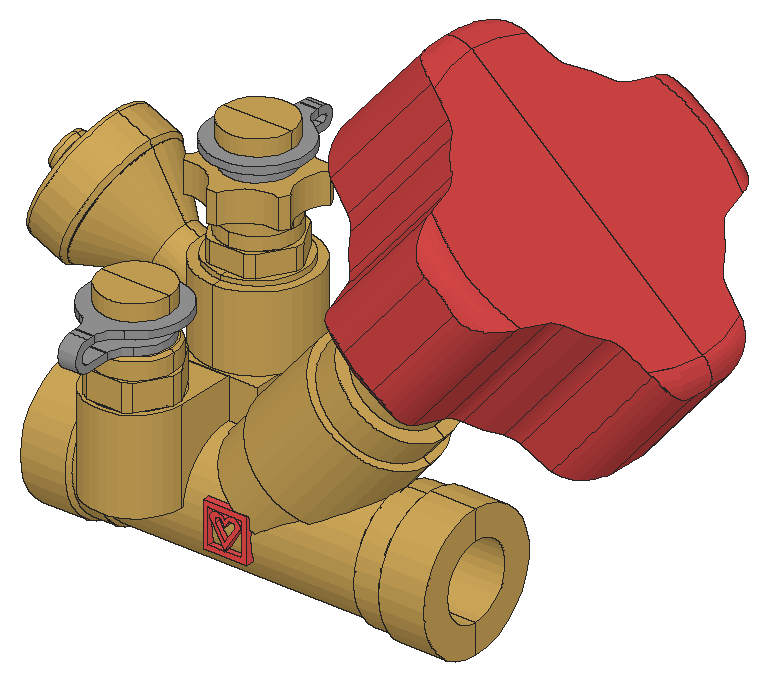
Revit family "Strangregulierventil mit Messblende 4017 ML", category Rohrzubehör, Revit 2018
Family settings
  Bemaßung runder Anschluss = Durchmesser verwenden
  Teiletyp = Unterbricht
  OmniClass-Nummer = 23.65.55.14
  OmniClass-Titel = Valves for Liquid Services
  Arbeitsebenenbasiert = Nein
  Immer vertikal = Ja
  Beim Laden mit Abzugskörper schneiden = Nein
  Gemeinsam genutzt = Nein
Parameters
  kvs-Wert [instance] = if(Nennweite = 15.000 mm, 2, if(Nennweite = 20.000 mm, 3.6, if(Nennweite = 25.000 mm, 6.5, if(Nennweite = 32.000 mm, 13.3, if(Nennweite = 40.000 mm, 18.5, if(Nennweite = 50.000 mm, 33, 0))))))  # 2
  kv-Wert der Blende [instance] = if(Nennweite = 15.000 mm, 1.95, if(Nennweite = 20.000 mm, 3.95, if(Nennweite = 25.000 mm, 7.9, if(Nennweite = 32.000 mm, 15.75, if(Nennweite = 40.000 mm, 21.5, if(Nennweite = 50.000 mm, 46.7, 0))))))  # 1.95
  W01 = 50.00°  # constant formula
  URL = "www.herz-armaturen.at"
  SW01 = 60.00°  # constant formula
  SCRNSEQ = "ARM;ARM_TYP=\"STRV\";2"
  SCRNCODE = "05;07;02"  # constant formula
  S03 = 60.000 mm  # constant formula
  S02 [instance] = L04 + L06 + L07  # 76.800 mm
  S01 [instance] = D01 * 2  # 27.000 mm
  R03 = 21.500 mm  # constant formula
  R02 = 9.500 mm  # constant formula
  R01 = 12.000 mm  # constant formula
  Medium = "Heizwasserqualität entsprechend ÖNORM H 5195 bzw. VDI-Richtlinie 2035"
  L10 [instance] = size_lookup("4017_ML_", "L10", 1.000 mm, Nennweite)  # 28.500 mm
  L09 [instance] = size_lookup("4017_ML_", "L9", 1.000 mm, Nennweite)  # 22.500 mm
  L08 [instance] = size_lookup("4017_ML_", "L8", 1.000 mm, Nennweite)  # 12.700 mm
  L07 [instance] = size_lookup("4017_ML_", "L7", 1.000 mm, Nennweite)  # 35.100 mm
  L06 [instance] = size_lookup("4017_ML_", "L6", 1.000 mm, Nennweite)  # 6.500 mm
  L05 [instance] = size_lookup("4017_ML_", "L5", 1.000 mm, Nennweite)  # 20.200 mm
  L04 [instance] = size_lookup("4017_ML_", "L4", 1.000 mm, Nennweite)  # 35.200 mm
  L03 [instance] = size_lookup("4017_ML_", "L3", 1.000 mm, Nennweite)  # 1.000 mm
  H03 [instance] = H01 - 19.000 mm  # 1.000 mm
  H02 = 13.000 mm  # constant formula
  Gehäuse = "entzinkungsbeständigem Messing"  # constant formula
  E01 [instance] = L00 / -2  # -41.500 mm
  E00 = 0.000 mm  # constant formula
  D09 [instance] = size_lookup("4017_ML_", "D9", 1.000 mm, Nennweite)  # 11.750 mm
  D08 [instance] = size_lookup("4017_ML_", "D8", 1.000 mm, Nennweite)  # 9.500 mm
  D07 [instance] = size_lookup("4017_ML_", "D7", 1.000 mm, Nennweite)  # 12.000 mm
  D06 [instance] = size_lookup("4017_ML_", "D6", 1.000 mm, Nennweite)  # 13.500 mm
  D05 [instance] = size_lookup("4017_ML_", "D5", 1.000 mm, Nennweite)  # 12.500 mm
  D04 [instance] = Nennweite / 2  # 7.500 mm
  IG [instance] = Nennweite / 2  # 7.500 mm
  D03 [instance] = size_lookup("4017_ML_", "D3", 1.000 mm, Nennweite)  # 11.900 mm
  D02 [instance] = size_lookup("4017_ML_", "D2", 1.000 mm, Nennweite)  # 12.700 mm
  D01 [instance] = size_lookup("4017_ML_", "D1", 1.000 mm, Nennweite)  # 13.500 mm
  Nennweite [instance] = 15.000 mm
  Max. Differenzdruck bei geschlossenen Sitz = 1000000.0 Pa  # constant formula
  Max. Betriebstemperatur = 130 °C  # constant formula
  Max. Betriebsdruck = 2000000.0 Pa  # constant formula
  L02 [instance] = size_lookup("4017_ML_", "L2", 1.000 mm, Nennweite)  # 5.000 mm
  L01 [instance] = size_lookup("4017_ML_", "L1", 1.000 mm, Nennweite)  # 9.250 mm
  L00 [instance] = size_lookup("4017_ML_", "L", 1.000 mm, Nennweite)  # 83.000 mm
  Hersteller = "HERZ Armaturen Ges.m.b.H."  # constant formula
  H01 [instance] = size_lookup("4017_ML_", "H1", 1.000 mm, Nennweite)  # 20.000 mm
  GT [instance] = size_lookup("4017_ML_", "GT", 1.000 mm, Nennweite)  # 13.200 mm
  DN50 [instance] = Nennweite = 50.000 mm  # no
  DN40 [instance] = Nennweite = 40.000 mm  # no
  DN32 [instance] = Nennweite = 32.000 mm  # no
  DN25 [instance] = Nennweite = 25.000 mm  # no
  DN20 [instance] = Nennweite = 20.000 mm  # no
  DN15 [instance] = Nennweite = 15.000 mm  # yes
  Bestellnummer [instance] = size_lookup("4017_ML_", "Artnr", 0, Nennweite)  # 1401731
  Ausführung = "STRÖMAX 4017 ML, Strangregulierventil mit Messblende und Impulsleitungsanschluss für Differenzdruckmessung in Schrägsitzform, mit Messventilen\r\nGelbe Ausführung aus entzinkungsbeständigen Messing, Muffe x Muffe, Spindelabdichtung mit Dreifach-O-Ring, Voreinstellung durch Hubbegrenzung, digitale Anzeige der Voreinstellstufe im Handradfenster."
  Anwendungsgebiet = "Zum hydraulischen Abgleich in Heiz- oder Kühlanlagen, Einregulieren von Verteilleitungen, Strängen, Wärmetauschern,\r\nHeiz- und Kühlregistern."
Reference planes
  plane 1 "Mitte (Vorne/hinten)": y = 0
  plane 2: z = 0
  plane 3 "Mitte (Links/rechts)": x = 0
Forms (mm)
  Revolve 1, solid, material "Messing, weicher Gelbton, geschweißt", detail levels fine
    sketch origin (470, 0, 0) x (1, 0, 0) y (0, 0, 1)
      loop
        line (-511.5, 7.5) -> (-498.3, 7.5) -> (-498.3, 0) -> (-441.7, 0) -> (-441.7, 7.5) -> (-428.5, 7.5) -> (-428.5, 13.5) -> (-437.75, 13.5) -> (-438.421, 12.7) -> (-443.421, 12.7) -> (-444.093, 11.9) -> (-495.907, 11.9) -> (-496.579, 12.7) -> (-501.579, 12.7) -> (-502.25, 13.5) -> (-511.5, 13.5) -> (-511.5, 7.5)
      axis (-511.5, 0) -> (-428.5, 0)
    angle from 0 to 360
  Revolve 2, solid, material "Messing, weicher Gelbton, geschweißt", detail levels fine
    sketch origin (0.32, 0, -0.105) x (1, 0, 0) y (0, 0, 1)
      loop
        line (-1.32, 0.105) -> (48.046, 58.937) -> (39.045, 66.49) -> (30.882, 56.761) -> (32.605, 55.315) -> (18.207, 38.155) -> (16.292, 39.762) -> (12.114, 34.783) -> (10.964, 35.747) -> (-2.02, 20.273) -> (-1.254, 19.63) -> (-7.652, 12.005) -> (-7.065, 4.926) -> (-1.32, 0.105)
      axis (-1.32, 0.105) -> (48.046, 58.937)
    angle from 0 to 360
  Extrusion 3, solid, material "Messing, weicher Gelbton, geschweißt", detail levels fine
    sketch origin (0, 0, 0) x (1, 0, 0) y (0, 1, 0)
      loop
        arc (-28.5, -12) -> (-19, -21.5) -> (-9.5, -12) r 9.5
        line (-9.5, -12) -> (-9.5, 0) -> (-28.5, 0) -> (-28.5, -12)
    from 1 <- "H03" to 20 <- "H01"
  Extrusion 4, solid, material "Messing, weicher Gelbton, geschweißt", detail levels fine
    sketch origin (0, 0, 0) x (1, 0, 0) y (0, 1, 0)
      loop
        line (-22.5, 12) -> (-22.5, 0) -> (-3.5, 0) -> (-3.5, 12)
        arc (-3.5, 12) -> (-13, 21.5) -> (-22.5, 12) r 9.5
    from 0 to 20 <- "H01"
  Extrusion 5, void
    sketch origin (0, 0, 0) x (1, 0, 0) y (0, 0, 1)
      loop
        line (55, 0) -> (80, 0) -> (80, 73) -> (55, 73) -> (55, 0)
    from 55 to -55
Cuts and joins
  Extrusion 5 cuts Revolve 2
Lines and regions (mm)
  model lines, detail levels coarse+medium
    curve 1: line (-41.5, 0, 13.5) -> (-41.5, 0, -13.5)
    curve 2: line (-41.5, 0, -13.5) -> (41.5, 0, 13.5)
    curve 3: line (41.5, 0, 13.5) -> (41.5, 0, -13.5)
    curve 4: line (41.5, 0, -13.5) -> (-41.5, 0, 13.5)
    curve 5: line (0, 0, 0) -> (38.4, 0, 66.511)
    curve 6: line (12.419, 0, 81.511) -> (64.381, 0, 51.511)
    curve 7: line (-41.5, -13.5, 0) -> (-41.5, 13.5, 0)
    curve 8: line (-41.5, 13.5, 0) -> (41.5, -13.5, 0)
    curve 9: line (41.5, -13.5, 0) -> (41.5, 13.5, 0)
    curve 10: line (41.5, 13.5, 0) -> (-41.5, -13.5, 0)
    curve 11: line (0, 0, 0) -> (38.4, 66.511, 0)
    curve 12: line (12.419, 81.511, 0) -> (64.381, 51.511, 0)
Dimensions and locks
  "L00": Revolve 1 sketch curve to Revolve 1 sketch curve
  equal spacing: Revolve 1 sketch curve, plane 3 "Mitte (Links/rechts)", Revolve 1 sketch curve
  "D01": Revolve 1 sketch curve to Revolve 1 sketch curve  (x2)
  "GT": Revolve 1 sketch curve to Revolve 1 sketch curve  (x2)
  "D06": Revolve 2 sketch curve to Revolve 2 sketch curve
  "D07": Revolve 2 sketch curve to Revolve 2 sketch curve
  "D08": Revolve 2 sketch curve to Revolve 2 sketch curve
  "D09": Revolve 2 sketch curve to Revolve 2 sketch curve
  equal spacing: curve 1, plane 3 "Mitte (Links/rechts)", curve 3
  "L00": curve 1 to curve 3
  equal spacing: curve 4, plane 2, curve 2
  "S01": curve 4 to curve 1
  "S01": curve 3 to curve 4
  equal spacing: curve 3, plane 2, curve 4
  "S02": curve 5 to curve 5
  equal spacing: curve 6, curve 5, curve 6
  "S03": curve 6 to curve 6
  equal spacing: curve 7, plane 3 "Mitte (Links/rechts)", curve 9
  "L00": curve 7 to curve 9
  equal spacing: curve 10, plane 1 "Mitte (Vorne/hinten)", curve 8
  "S01": curve 8 to curve 10
  equal spacing: curve 9, plane 1 "Mitte (Vorne/hinten)", curve 10
  "S01": curve 10 to curve 9
  "S02": curve 11 to curve 11
  equal spacing: curve 12, curve 11, curve 12
  "S03": curve 12 to curve 12
  "L01": Revolve 1 sketch curve to Revolve 1 sketch curve  (x2)
  "D02": Revolve 1 sketch curve to plane 2  (x2)
  "D03": Revolve 1 sketch curve to plane 2
  "IG": Revolve 1 sketch curve to plane 2  (x2)
  "L02": Revolve 1 sketch curve to Revolve 1 sketch curve  (x2)
  "L04": Revolve 2 sketch curve to Revolve 2 sketch curve
  "L05": Revolve 2 sketch curve to Revolve 2 sketch curve
  "D03": Revolve 2 sketch curve to plane 2
  "L06": Revolve 2 sketch curve to Revolve 2 sketch curve
  "L08": Revolve 2 sketch curve to Revolve 2 sketch curve
  "L07": Revolve 2 sketch curve to Revolve 2 sketch curve
  "D04": Revolve 2 sketch curve to Revolve 2 sketch curve
  "D05": Revolve 2 sketch curve to Revolve 2 sketch curve
  "L03": plane 3 "Mitte (Links/rechts)" to Revolve 2 sketch curve  (x2)
  "D03": nested 1 to plane 1 "Mitte (Vorne/hinten)"
  "L09": Revolve 1 to Extrusion 3 sketch curve
  "R01": Extrusion 3 sketch curve to plane 1 "Mitte (Vorne/hinten)"
  "R01": plane 1 "Mitte (Vorne/hinten)" to Extrusion 4 sketch curve
  "L10": Revolve 1 to Extrusion 4 sketch curve
  "H01": nested 2 to plane 2
  "R01": nested 2 to plane 1 "Mitte (Vorne/hinten)"
  "L09": Revolve 1 to nested 2
  Extrusion 5 sketch curve to plane 3 "Mitte (Links/rechts)" = 55.000 mm
  Extrusion 5 sketch curve to Extrusion 5 sketch curve = 25.000 mm
  Extrusion 5 sketch curve to plane 2 = 73.000 mm
  "L10": Revolve 1 to nested 9
  "R01": plane 1 "Mitte (Vorne/hinten)" to nested 9
  "H01": nested 9 to plane 2
  "R02": radius of Extrusion 3 sketch curve
  "R02": radius of Extrusion 4 sketch curve
  "W01": angle level to Revolve 2 sketch curve
  "SW01": angle plane 2 to curve 5
  "SW01": angle plane 1 "Mitte (Vorne/hinten)" to curve 11
  "W01": angle Revolve 1 sketch curve to Revolve 1 sketch curve  (x4)
  "W01": angle plane 2 to Revolve 2 sketch curve
  aligned and locked: level to plane 2
Automatic sketch dimensions
  Extrusion 5 sketch curve to level = 0.000 mm
  curve 5 to level = 0.000 mm
  plane 1 "Mitte (Vorne/hinten)" to curve 11 = 0.000 mm
  Revolve 1 sketch curve to level = 0.000 mm  (x2)
  Revolve 1 sketch curve to Revolve 1 sketch curve = 791.990 mm
  Revolve 1 sketch curve to Revolve 1 sketch curve = 2278.983 mm
  Revolve 2 sketch curve to level = 0.000 mm  (x2)
  plane 1 "Mitte (Vorne/hinten)" to Extrusion 3 sketch curve = 0.000 mm
  plane 1 "Mitte (Vorne/hinten)" to Extrusion 4 sketch curve = 0.000 mm
Nested families
  nested 1: "Herz-Logo-vorne" at (0, -11.9, 0) x (0, 1, 0) z (0, 0, 1), type "Herz-Logo-vorne", detail levels fine
  nested 2: "Messstutzen_Band_Eintritt_senkrecht_(oben)" at (-19, -12, 2.5) x (-1, 0, 0) z (0, 0, 1), type "Messstutzen_Band_Eintritt_senkrecht_(oben)", detail levels fine
    with Schutzkappe yes, Nennweite 0.000 mm, Gewicht 0.00 kg, Bestellnummer 0
  nested 3: "Strangregulierventil-Handrad (Rot) DN15-DN32" at (48.366, 0, 58.832), visible <- "DN15", type "Strangregulierventil-Handrad (Rot) DN15-DN32"
    with Nennweite 0.000 mm, Gewicht 0.00 kg, Bestellnummer 0
  nested 4: "Strangregulierventil-Handrad (Rot) DN15-DN32" at (50.13, 0, 62.126), visible <- "DN20", type "Strangregulierventil-Handrad (Rot) DN15-DN32"
    with Nennweite 0.000 mm, Gewicht 0.00 kg, Bestellnummer 0
  nested 5: "Strangregulierventil-Handrad (Rot) DN15-DN32" at (55.886, 0, 73.157), visible <- "DN25", type "Strangregulierventil-Handrad (Rot) DN15-DN32"
    with Nennweite 0.000 mm, Gewicht 0.00 kg, Bestellnummer 0
  nested 6: "Strangregulierventil-Handrad (Rot) DN15-DN32" at (60.493, 0, 82.58), visible <- "DN32", type "Strangregulierventil-Handrad (Rot) DN15-DN32"
    with Nennweite 0.000 mm, Gewicht 0.00 kg, Bestellnummer 0
  nested 7: "Strangregulierventil-Handrad (Rot) DN40-DN50" at (68.72, 0, 95.602), visible <- "DN40", type "Strangregulierventil-Handrad (Rot) DN40-DN50"
    with Nennweite 0.000 mm, Gewicht 0.00 kg, Bestellnummer 0
  nested 8: "Strangregulierventil-Handrad (Rot) DN40-DN50" at (66.762, 0, 99.586), visible <- "DN50", type "Strangregulierventil-Handrad (Rot) DN40-DN50"
    with Nennweite 0.000 mm, Gewicht 0.00 kg, Bestellnummer 0
  nested 9: "Messstutzen_Band-KFE_Austritt_senkrecht_(oben)" at (-13, 12, 24.41), type "Messstutzen_Band-KFE_Austritt_senkrecht_(oben)", detail levels fine
    with Schutzkappe yes, Nennweite 0.000 mm, Gewicht 0.00 kg, Bestellnummer 0
Connectors
  piping at (-28.3, 0, 0), diameter 15, driven by "Nennweite"
    settings: on Revolve 1, index 1, connector inside diameter 609.6 mm, connector length 0.000 mm, flow factor 0, pipe flow 0.0 L/s, pressure drop 0.0 Pa, fitting loss kfactor 0, connector angle 0.00°, fixture units 0, engagement length 0.000 mm, angle of deflection 0.00°, flow configuration 0, flow direction 1, fitting loss method 0, system type 29, joint type 0, gender type 0, connector reference index -1, connector utility 0, adjustable connector no, is connector primary yes, connector description ""
  piping at (28.3, 0, 0), diameter 15, driven by "Nennweite"
    settings: on Revolve 1, index 2, connector inside diameter 609.6 mm, connector length 0.000 mm, flow factor 0, pipe flow 0.0 L/s, pressure drop 0.0 Pa, fitting loss kfactor 0, connector angle 0.00°, fixture units 0, engagement length 0.000 mm, angle of deflection 0.00°, flow configuration 0, flow direction 2, fitting loss method 0, system type 29, joint type 0, gender type 0, connector reference index -1, connector utility 0, adjustable connector no, is connector primary no, connector description ""
Definition of nested family "Herz-Logo-vorne"
  Reference planes
    plane 1 "Mitte (Vorne/hinten)": y = 0
    plane 2: z = 0
    plane 3 "Mitte (Links/rechts)": x = 0
  Forms (mm)
    Extrusion 1, solid
      sketch origin (0.732, -0.018, 0.017) x (0, -1, 0) y (0, 0, 1)
        loop
          line (-0.018, -4.517) -> (4.482, -4.517) -> (4.482, 4.483) -> (-4.518, 4.483) -> (-4.518, -4.517) -> (-0.018, -4.517)
        loop
          line (-0.05, -3.48) -> (3.482, -3.48) -> (3.482, 3.483) -> (-3.518, 3.483) -> (-3.518, -3.48) -> (-0.05, -3.48)
        loop
          arc (-0.018, 2.383) -> (-1.543, 3.287) -> (-3.067, 2.383) r 1.738
          arc (-3.067, 2.383) -> (-3.191, 1.899) -> (-3.067, 1.415) r 1.009
          line (-3.067, 1.415) -> (-0.018, -3.281) -> (3.032, 1.415)
          arc (3.032, 1.415) -> (3.156, 1.899) -> (3.032, 2.383) r 1.009
          arc (3.032, 2.383) -> (1.507, 3.287) -> (-0.018, 2.383) r 1.738
        loop
          arc (1.885, 1.272) -> (2.005, 1.675) -> (1.885, 2.079) r 0.74
          arc (1.885, 2.079) -> (1.265, 2.416) -> (0.644, 2.079) r 0.74
          line (0.644, 2.079) -> (-0.018, 0.97) -> (-0.679, 2.079)
          arc (-0.679, 2.079) -> (-1.3, 2.416) -> (-1.921, 2.079) r 0.74
          arc (-1.921, 2.079) -> (-2.04, 1.675) -> (-1.921, 1.272) r 0.74
          line (-1.921, 1.272) -> (-0.018, -1.658) -> (1.885, 1.272)
      from 0 to 1.5
  Dimensions and locks
    aligned and locked: level to plane 2
Definition of nested family "Messstutzen_Band_Eintritt_senkrecht_(oben)"
  Parameters (values of type "Messstutzen_Band_Eintritt_senkrecht_(oben)")
    URL = "www.herz-armaturen.at"
    Schutzkappe [instance] = yes
    Nennweite [instance] = 0.000 mm
    Manufacturer = "Herz Armaturen GmbH"  # constant formula
    Gewicht [instance] = 0.00 kg
    Bestellnummer [instance] = 0
  Reference planes
    plane 1 "Mitte (Vorne/hinten)": y = 0
    plane 2: z = 0
    plane 3 "Mitte (Links/rechts)": x = 0
    plane 4 "Schlaufe 1": z = -27
    plane 5 "Schlaufe 2": z = -31.678
  Forms (mm)
    Revolve 1, solid, detail levels fine
      sketch origin (0, 0, 0) x (1, 0, 0) y (0, 0, 1)
        loop
          line (-7.4, 9) -> (-5.55, 9) -> (-5.55, 6)
          arc (-5.55, 6) -> (-5.626, 5.617) -> (-5.843, 5.293) r 1
          line (-5.843, 5.293) -> (-6.455, 4.681) -> (-6.455, 0.9) -> (-5.555, 0) -> (-2, 0) -> (-2, 17.5) -> (-8.4, 17.5)
          arc (-8.4, 17.5) -> (-7.693, 17.207) -> (-7.4, 16.5) r 1
          line (-7.4, 16.5) -> (-7.4, 9)
        loop
          line (-3.7, 27) -> (-7.3, 27) -> (-7.9, 26.4) -> (-7.9, 23) -> (-2, 23) -> (-2, 35.8) -> (-3.805, 35.8) -> (-4.415, 35.19) -> (-4.415, 30.863) -> (-3.7, 30.45) -> (-3.7, 27)
        axis (0, 0) -> (0, 35.8)
      angle from 0 to 360
    Extrusion 2, solid, detail levels fine
      sketch origin (0, 0, 17.5) x (0, 1, 0) y (-1, 0, 0)
        loop
          arc (-7.07, 5.156) -> (-7.578, 4.375) -> (-8, 3.544) r 8.75
          line (-8, 3.544) -> (-8, -3.544)
          arc (-8, -3.544) -> (-7.578, -4.375) -> (-7.07, -5.156) r 8.75
          line (-7.07, -5.156) -> (-0.93, -8.7)
          arc (-0.93, -8.7) -> (0, -8.75) -> (0.93, -8.7) r 8.75
          line (0.93, -8.7) -> (7.07, -5.156)
          arc (7.07, -5.156) -> (7.578, -4.375) -> (8, -3.544) r 8.75
          line (8, -3.544) -> (8, 3.544)
          arc (8, 3.544) -> (7.578, 4.375) -> (7.07, 5.156) r 8.75
          line (7.07, 5.156) -> (0.93, 8.7)
          arc (0.93, 8.7) -> (0, 8.75) -> (-0.93, 8.7) r 8.75
          line (-0.93, 8.7) -> (-7.07, 5.156)
      from 0 to 5.5
    Revolve 3, solid, visible <- "Schutzkappe", detail levels fine
      sketch origin (0, 0, 0) x (1, 0, 0) y (0, 0, 1)
        loop
          line (0, 35.878) -> (0, 36.678) -> (-7, 36.678) -> (-7, 33.378) -> (-6.1, 33.378) -> (-6.1, 31.678) -> (-6.9, 31.678) -> (-6.9, 30.178) -> (-4.415, 30.178) -> (-4.415, 35.268) -> (-3.805, 35.878) -> (0, 35.878)
        axis (0, 30.178) -> (0, 36.678)
      angle from 0 to 360
    Extrusion 4, solid, detail levels fine
      sketch origin (0, 0, 28.5) x (1, 0, 0) y (0, 1, 0)
        loop
          circle (0, 0) r 3.7
        loop
          arc (-3.906, 5.505) -> (0, -6.75) -> (3.906, 5.505) r 6.75
          arc (3.906, 5.505) -> (2.358, 7.288) -> (1.8, 9.582) r 5
          line (1.8, 9.582) -> (-1.8, 9.582)
          arc (-1.8, 9.582) -> (-2.358, 7.288) -> (-3.906, 5.505) r 5
      from 0 to -1.5
    Extrusion 5, solid, detail levels fine
      sketch origin (0, 0, 33.178) x (1, 0, 0) y (0, 1, 0)
        loop
          circle (0, 0) r 6.1
        loop
          arc (-4.495, 8.652) -> (0, -9.75) -> (4.495, 8.652) r 9.75
          arc (4.495, 8.652) -> (2.527, 10.493) -> (1.8, 13.089) r 5
          line (1.8, 13.089) -> (-1.8, 13.089)
          arc (-1.8, 13.089) -> (-2.527, 10.493) -> (-4.495, 8.652) r 5
      from 0 to -1.5
    Sweep 6, solid, detail levels fine
      path origin (0, 0, 0) x (0, 0, -1) y (0, -1, 0)
        loop
          line (-27.75, -9.582) -> (-27.75, -14.522)
          arc (-27.75, -14.522) -> (-30.089, -16.862) -> (-32.428, -14.522) r 2.339
          line (-32.428, -14.522) -> (-32.428, -13.089)
      profile origin (0, 12.052, 27.75) x (0, 0, 1) y (1, 0, 0)
        loop
          line (-0.75, -1.8) -> (0.75, -1.8) -> (0.75, 1.8) -> (-0.75, 1.8) -> (-0.75, -1.8)
  Dimensions and locks
    aligned and locked: level to plane 2
Definition of nested family "Strangregulierventil-Handrad (Rot) DN15-DN32"
  Parameters (values of type "Strangregulierventil-Handrad (Rot) DN15-DN32")
    URL = "www.herz-armaturen.at"
    Nennweite [instance] = 0.000 mm
    Manufacturer = "Herz Armaturen GmbH"  # constant formula
    Gewicht [instance] = 0.00 kg
    Bestellnummer [instance] = 0
  Reference planes
    plane 1 "Mitte (Vorne/hinten)": y = 0
    plane 2: z = 0
    plane 3 "Mitte (Links/rechts)": x = 0
  Forms (mm)
    Revolve 1, solid, detail levels fine
      sketch origin (0, 0, 0) x (0.766044, 0, -0.642788) y (0.642788, 0, 0.766044)
        loop
          line (0, 0) -> (0, 24.95) -> (-30.992, 24.95)
          arc (-30.992, 24.95) -> (-34.37, 23.636) -> (-35.973, 20.386) r 5
          line (-35.973, 20.386) -> (-37, 8.65) -> (-35.986, -2.936)
          arc (-35.986, -2.936) -> (-34.383, -6.186) -> (-31.005, -7.5) r 5
          line (-31.005, -7.5) -> (-15, -7.5) -> (-15, 0) -> (0, 0)
        axis (0, 24.95) -> (0, -7.5)
      angle from 0 to 360
    Extrusion 2, void
      sketch origin (13.049, 0, 15.551) x (0.766044, 0, -0.642788) y (0, 1, 0)
        loop
          line (3.861, 35.5) -> (-3.861, 35.5)
          arc (-3.861, 35.5) -> (-8.731, 33.847) -> (-11.589, 29.571) r 8
          line (-11.589, 29.571) -> (-13.284, 23.245)
          arc (-13.284, 23.245) -> (-13.982, 21.722) -> (-15.144, 20.516) r 5
          arc (-15.144, 20.516) -> (-18.031, 18.031) -> (-20.516, 15.144) r 25.5
          arc (-20.516, 15.144) -> (-21.722, 13.982) -> (-23.245, 13.284) r 5
          line (-23.245, 13.284) -> (-29.571, 11.589)
          arc (-29.571, 11.589) -> (-33.847, 8.731) -> (-35.5, 3.861) r 8
          line (-35.5, 3.861) -> (-35.5, -3.861)
          arc (-35.5, -3.861) -> (-33.847, -8.731) -> (-29.571, -11.589) r 8
          line (-29.571, -11.589) -> (-23.245, -13.284)
          arc (-23.245, -13.284) -> (-21.722, -13.982) -> (-20.516, -15.144) r 5
          arc (-20.516, -15.144) -> (-18.031, -18.031) -> (-15.144, -20.516) r 25.5
          arc (-15.144, -20.516) -> (-13.982, -21.722) -> (-13.284, -23.245) r 5
          line (-13.284, -23.245) -> (-11.589, -29.571)
          arc (-11.589, -29.571) -> (-8.731, -33.847) -> (-3.861, -35.5) r 8
          line (-3.861, -35.5) -> (3.861, -35.5)
          arc (3.861, -35.5) -> (8.731, -33.847) -> (11.589, -29.571) r 8
          line (11.589, -29.571) -> (13.284, -23.245)
          arc (13.284, -23.245) -> (13.982, -21.722) -> (15.144, -20.516) r 5
          arc (15.144, -20.516) -> (18.031, -18.031) -> (20.516, -15.144) r 25.5
          arc (20.516, -15.144) -> (21.722, -13.982) -> (23.245, -13.284) r 5
          line (23.245, -13.284) -> (29.571, -11.589)
          arc (29.571, -11.589) -> (33.847, -8.731) -> (35.5, -3.861) r 8
          line (35.5, -3.861) -> (35.5, 3.861)
          arc (35.5, 3.861) -> (33.847, 8.731) -> (29.571, 11.589) r 8
          line (29.571, 11.589) -> (23.245, 13.284)
          arc (23.245, 13.284) -> (21.722, 13.982) -> (20.516, 15.144) r 5
          arc (20.516, 15.144) -> (18.031, 18.031) -> (15.144, 20.516) r 25.5
          arc (15.144, 20.516) -> (13.982, 21.722) -> (13.284, 23.245) r 5
          line (13.284, 23.245) -> (11.589, 29.571)
          arc (11.589, 29.571) -> (8.731, 33.847) -> (3.861, 35.5) r 8
        loop
          circle (0, 0) r 38
      from -31.266 to 7.923
  Cuts and joins
    Extrusion 2 cuts Revolve 1
  Dimensions and locks
    Revolve 1 sketch curve to Revolve 1 sketch curve = 15.000 mm
    Revolve 1 sketch curve to Revolve 1 sketch curve = 16.150 mm
    Revolve 1 sketch curve to Revolve 1 sketch curve = 16.300 mm
    angle Revolve 1 sketch curve to Revolve 1 sketch curve = 95.00°
    aligned and locked: level to plane 2
Definition of nested family "Strangregulierventil-Handrad (Rot) DN40-DN50"
  Parameters (values of type "Strangregulierventil-Handrad (Rot) DN40-DN50")
    URL = "www.herz-armaturen.at"
    Nennweite [instance] = 0.000 mm
    Manufacturer = "Herz Armaturen GmbH"  # constant formula
    Gewicht [instance] = 0.00 kg
    Bestellnummer [instance] = 0
  Reference planes
    plane 1 "Mitte (Vorne/hinten)": y = 0
    plane 2: z = 0
    plane 3 "Mitte (Links/rechts)": x = 0
  Forms (mm)
    Revolve 1, solid, detail levels fine
      sketch origin (0, 0, 0) x (0.766044, 0, -0.642788) y (0.642788, 0, 0.766044)
        loop
          line (0, 0) -> (0, 24.95) -> (-50.992, 24.95)
          arc (-50.992, 24.95) -> (-54.37, 23.636) -> (-55.973, 20.386) r 5
          line (-55.973, 20.386) -> (-57, 8.65) -> (-55.986, -2.936)
          arc (-55.986, -2.936) -> (-54.383, -6.186) -> (-51.005, -7.5) r 5
          line (-51.005, -7.5) -> (-15, -7.5) -> (-15, 0) -> (0, 0)
        axis (0, 24.95) -> (0, -7.5)
      angle from 0 to 360
    Extrusion 2, void
      sketch origin (13.049, 0, 15.551) x (0.766044, 0, -0.642788) y (0, 1, 0)
        loop
          line (-55, 6.292) -> (-55, -6.292)
          arc (-55, -6.292) -> (-52.52, -13.597) -> (-46.106, -17.883) r 12
          line (-46.106, -17.883) -> (-35.399, -20.752)
          arc (-35.399, -20.752) -> (-33.541, -21.612) -> (-32.08, -23.047) r 6
          arc (-32.08, -23.047) -> (-27.931, -27.931) -> (-23.047, -32.08) r 39.5
          arc (-23.047, -32.08) -> (-21.612, -33.541) -> (-20.752, -35.399) r 6
          line (-20.752, -35.399) -> (-17.883, -46.106)
          arc (-17.883, -46.106) -> (-13.597, -52.52) -> (-6.292, -55) r 12
          line (-6.292, -55) -> (6.292, -55)
          arc (6.292, -55) -> (13.597, -52.52) -> (17.883, -46.106) r 12
          line (17.883, -46.106) -> (20.752, -35.399)
          arc (20.752, -35.399) -> (21.612, -33.541) -> (23.047, -32.08) r 6
          arc (23.047, -32.08) -> (27.931, -27.931) -> (32.08, -23.047) r 39.5
          arc (32.08, -23.047) -> (33.541, -21.612) -> (35.399, -20.752) r 6
          line (35.399, -20.752) -> (46.106, -17.883)
          arc (46.106, -17.883) -> (52.52, -13.597) -> (55, -6.292) r 12
          line (55, -6.292) -> (55, 6.292)
          arc (55, 6.292) -> (52.52, 13.597) -> (46.106, 17.883) r 12
          line (46.106, 17.883) -> (35.399, 20.752)
          arc (35.399, 20.752) -> (33.541, 21.612) -> (32.08, 23.047) r 6
          arc (32.08, 23.047) -> (27.931, 27.931) -> (23.047, 32.08) r 39.5
          arc (23.047, 32.08) -> (21.612, 33.541) -> (20.752, 35.399) r 6
          line (20.752, 35.399) -> (17.883, 46.106)
          arc (17.883, 46.106) -> (13.597, 52.52) -> (6.292, 55) r 12
          line (6.292, 55) -> (-6.292, 55)
          arc (-6.292, 55) -> (-13.597, 52.52) -> (-17.883, 46.106) r 12
          line (-17.883, 46.106) -> (-20.752, 35.399)
          arc (-20.752, 35.399) -> (-21.612, 33.541) -> (-23.047, 32.08) r 6
          arc (-23.047, 32.08) -> (-27.931, 27.931) -> (-32.08, 23.047) r 39.5
          arc (-32.08, 23.047) -> (-33.541, 21.612) -> (-35.399, 20.752) r 6
          line (-35.399, 20.752) -> (-46.106, 17.883)
          arc (-46.106, 17.883) -> (-52.52, 13.597) -> (-55, 6.292) r 12
        loop
          circle (0, 0) r 60
      from -31.161 to 7.489
  Cuts and joins
    Extrusion 2 cuts Revolve 1
  Dimensions and locks
    Revolve 1 sketch curve to Revolve 1 sketch curve = 15.000 mm
    Revolve 1 sketch curve to Revolve 1 sketch curve = 16.150 mm
    Revolve 1 sketch curve to Revolve 1 sketch curve = 16.300 mm
    Revolve 1 sketch curve to Revolve 1 sketch curve = 57.000 mm
    angle Revolve 1 sketch curve to Revolve 1 sketch curve = 95.00°
    aligned and locked: level to plane 2
Definition of nested family "Messstutzen_Band-KFE_Austritt_senkrecht_(oben)"
  Parameters (values of type "Messstutzen_Band-KFE_Austritt_senkrecht_(oben)")
    URL = "www.herz-armaturen.at"
    Schutzkappe [instance] = yes
    Nennweite [instance] = 0.000 mm
    Manufacturer = "Herz Armaturen GmbH"  # constant formula
    Gewicht [instance] = 0.00 kg
    Bestellnummer [instance] = 0
  Reference planes
    plane 1 "Mitte (Vorne/hinten)": y = 0
    plane 2: z = 0
    plane 3 "Mitte (Links/rechts)": x = 0
  Forms (mm)
    Revolve 1, solid, detail levels fine
      sketch origin (0, 0, 0) x (1, 0, 0) y (0, 0, 1)
        loop
          line (-7.4, 9) -> (-5.55, 9) -> (-5.55, 6)
          arc (-5.55, 6) -> (-5.626, 5.617) -> (-5.843, 5.293) r 1
          line (-5.843, 5.293) -> (-6.455, 4.681) -> (-6.455, 0.9) -> (-5.555, 0) -> (-2, 0) -> (-2, 23) -> (-2, 35.8) -> (-3.805, 35.8) -> (-4.415, 35.19) -> (-4.415, 30.863) -> (-3.7, 30.45) -> (-3.7, 27) -> (-7.4, 27) -> (-7.4, 9)
        axis (0, 0) -> (0, 35.8)
      angle from 0 to 360
    Extrusion 2, solid, detail levels fine
      sketch origin (0, 0, 17.5) x (0, 1, 0) y (-1, 0, 0)
        loop
          arc (-7.07, 5.156) -> (-7.578, 4.375) -> (-8, 3.544) r 8.75
          line (-8, 3.544) -> (-8, -3.544)
          arc (-8, -3.544) -> (-7.578, -4.375) -> (-7.07, -5.156) r 8.75
          line (-7.07, -5.156) -> (-0.93, -8.7)
          arc (-0.93, -8.7) -> (0, -8.75) -> (0.93, -8.7) r 8.75
          line (0.93, -8.7) -> (7.07, -5.156)
          arc (7.07, -5.156) -> (7.578, -4.375) -> (8, -3.544) r 8.75
          line (8, -3.544) -> (8, 3.544)
          arc (8, 3.544) -> (7.578, 4.375) -> (7.07, 5.156) r 8.75
          line (7.07, 5.156) -> (0.93, 8.7)
          arc (0.93, 8.7) -> (0, 8.75) -> (-0.93, 8.7) r 8.75
          line (-0.93, 8.7) -> (-7.07, 5.156)
      from -5.51 to -1.21
    Revolve 3, solid, visible <- "Schutzkappe", detail levels fine
      sketch origin (0, 0, 0) x (1, 0, 0) y (0, 0, 1)
        loop
          line (0, 35.878) -> (0, 36.678) -> (-7, 36.678) -> (-7, 33.378) -> (-6.1, 33.378) -> (-6.1, 31.678) -> (-6.9, 31.678) -> (-6.9, 30.178) -> (-4.415, 30.178) -> (-4.415, 35.268) -> (-3.805, 35.878) -> (0, 35.878)
        axis (0, 30.178) -> (0, 36.678)
      angle from 0 to 360
    Extrusion 4, solid, detail levels fine
      sketch origin (0, 0, 30) x (1, 0, 0) y (0, 1, 0)
        loop
          circle (0, 0) r 3.7
        loop
          arc (-3.906, 5.505) -> (0, -6.75) -> (3.906, 5.505) r 6.75
          arc (3.906, 5.505) -> (2.358, 7.288) -> (1.8, 9.582) r 5
          line (1.8, 9.582) -> (-1.8, 9.582)
          arc (-1.8, 9.582) -> (-2.358, 7.288) -> (-3.906, 5.505) r 5
      from 0 to -1.5
    Extrusion 5, solid, detail levels fine
      sketch origin (0, 0, 33.178) x (1, 0, 0) y (0, 1, 0)
        loop
          circle (0, 0) r 6.1
        loop
          arc (-4.495, 8.652) -> (0, -9.75) -> (4.495, 8.652) r 9.75
          arc (4.495, 8.652) -> (2.527, 10.493) -> (1.8, 13.089) r 5
          line (1.8, 13.089) -> (-1.8, 13.089)
          arc (-1.8, 13.089) -> (-2.527, 10.493) -> (-4.495, 8.652) r 5
      from 0 to -1.5
    Sweep 6, solid, detail levels fine
      path origin (0, 0, 0) x (0, 0, -1) y (0, -1, 0)
        loop
          line (-29.25, -9.582) -> (-29.25, -14.522)
          arc (-29.25, -14.522) -> (-30.839, -16.112) -> (-32.428, -14.522) r 1.589
          line (-32.428, -14.522) -> (-32.428, -13.089)
      profile origin (0, 12.052, 29.25) x (0, 0, 1) y (1, 0, 0)
        loop
          line (-0.75, -1.8) -> (0.75, -1.8) -> (0.75, 1.8) -> (-0.75, 1.8) -> (-0.75, -1.8)
    Extrusion 7, solid, detail levels fine
      sketch origin (-101.196, 0, 0) x (1, 0, 0) y (0, 1, 0)
        loop
          arc (112.053, 5.113) -> (111.589, 6) -> (111.053, 6.845) r 12
          arc (111.053, 6.845) -> (105.696, 7.794) -> (102.196, 11.958) r 7.971
          arc (102.196, 11.958) -> (101.196, 12) -> (100.196, 11.958) r 12
          arc (100.196, 11.958) -> (96.696, 7.794) -> (91.34, 6.845) r 7.971
          arc (91.34, 6.845) -> (90.804, 6) -> (90.34, 5.113) r 12
          arc (90.34, 5.113) -> (92.196, 0) -> (90.34, -5.113) r 7.971
          arc (90.34, -5.113) -> (90.804, -6) -> (91.34, -6.845) r 12
          arc (91.34, -6.845) -> (96.696, -7.794) -> (100.196, -11.958) r 7.971
          arc (100.196, -11.958) -> (101.196, -12) -> (102.196, -11.958) r 12
          arc (102.196, -11.958) -> (105.696, -7.794) -> (111.053, -6.845) r 7.971
          arc (111.053, -6.845) -> (111.589, -6) -> (112.053, -5.113) r 12
          arc (112.053, -5.113) -> (110.196, 0) -> (112.053, 5.113) r 7.971
      from 22.3 to 28.5
    Revolve 8, solid, detail levels fine
      sketch origin (0, 43.374, -20) x (0, 1, 0) y (0, 0, 1)
        loop
          line (-43.374, 0) -> (-37.874, 0) -> (-36.774, 1.1) -> (-36.774, 4.9) -> (-37.874, 6) -> (-37.874, 8.4) -> (-36.424, 8.4) -> (-36.424, 9.2) -> (-34.424, 9.2) -> (-34.424, 15.59) -> (-31.874, 15.59) -> (-31.874, 30.99) -> (-33.874, 30.99) -> (-33.874, 31.99) -> (-43.374, 31.99) -> (-43.374, 0)
        loop
          line (-43.374, 39) -> (-43.374, 36.29) -> (-35.874, 36.29) -> (-35.874, 39) -> (-43.374, 39)
        axis (-43.374, 39) -> (-43.374, 0)
      angle from 0 to 360
    Revolve 9, solid, detail levels fine
      sketch origin (0, 0, 0) x (-1, 0, 0) y (0, 0, 1)
        loop
          line (0, -1.01) -> (32.627, 14.204) -> (27.556, 25.08) -> (25.934, 25.67) -> (21.602, 23.65) -> (14.873, 11.994) -> (-2.324, 3.975) -> (0, -1.01)
        axis (32.627, 14.204) -> (0, -1.01)
      angle from 0 to 360
    Revolve 10, solid, detail levels fine
      sketch origin (-51.188, 0, -39.797) x (-0.422618, 0, -0.906308) y (-0.906308, 0, 0.422618)
        loop
          line (-56.786, 8) -> (-45.747, 8) -> (-45.747, 0) -> (-43.834, 0) -> (-42.786, 1.048) -> (-42.786, 8.048)
          arc (-42.786, 8.048) -> (-43.065, 8.721) -> (-43.738, 9) r 0.952
          line (-43.738, 9) -> (-52.974, 9)
          arc (-52.974, 9) -> (-53.548, 9.238) -> (-53.786, 9.812) r 0.812
          line (-53.786, 9.812) -> (-53.786, 12) -> (-52.786, 12) -> (-52.786, 13.03)
          arc (-52.786, 13.03) -> (-53.07, 13.716) -> (-53.756, 14) r 0.97
          line (-53.756, 14) -> (-56.786, 14) -> (-56.786, 8)
        axis (-56.786, 14) -> (-56.786, 0)
      angle from 0 to 360
  Dimensions and locks
    aligned and locked: level to plane 2
